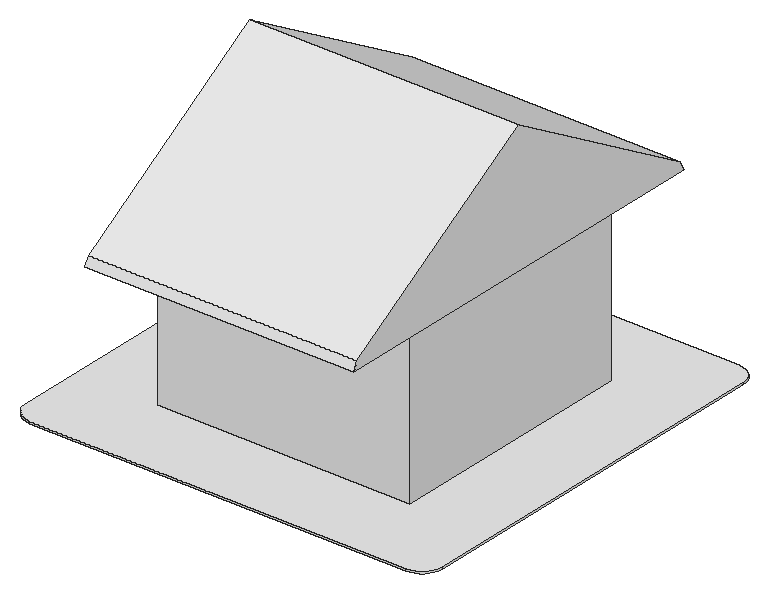
Revit family "Mechanical_Menzies-Metal_Built-Up-Roof-Vent-TPO", category Mechanical Equipment, host Face, Revit 2018
Family settings
  Host = Face
  Round Connector Dimension = Use Diameter
  Part Type = Normal
  OmniClass Number = 23.70.50.21.24.11
  OmniClass Title = Roof Waste Water Drains
  Cut with Voids When Loaded = No
  Shared = No
  Room Calculation Point = No
Parameters (values of type "12 x 12")
  Width = 12"
  Weight = 8.60 lbf
  Waste Connection = no
  Vent Connection = no
  URL = "https://www.menzies-metal.com/tpo-products/bur-vent-tpo/"
  Product data url = "https://www.bimobject.com/menzies-metal/product/built-up-roof-vent-tpo"
  Product Material = Metal - Menzies Metal Products - Aluminium TPO Coated
  Product Guid = "2799f1e7-5a87-41a4-ae29-f83a5cfc54c4"
  Model = "600-2105TPO"
  Manufacturer = "Menzies Metal Products"  # constant formula
  HW Connection = no
  Edition number = 1
  Drain Flow = 0 GPM
  Description = "Built Up Roof Vent TPO"  # constant formula
  Depth = 12"
  Default Elevation = 48"
  CW Connection = no
  Assembly Code = "D2040200"
Types (5): name | Width | Weight | Waste Connection | Vent Connection | Model | HW Connection | Depth | CW Connection
  5 x 14 | 14" | 4.40 lbf | yes | yes | "600-2110TPO" | yes | 5" | yes
  12 x 12 | 12" | 8.60 lbf | no | no | "600-2105TPO" | no | 12" | no
  6 x 6 | 6" | 3.60 lbf | no | no | "600-2103TPO" | no | 6" | no
  8 x 8 | 8" | 4.35 lbf | yes | yes | "600-2100TPO" | yes | 8" | yes
  5 x 24 | 24" | 7.75 lbf | no | no | "600-2120TPO" | no | 5" | no
Reference planes (in)
  plane 1 "Center (Front/Back)": y = 0
  plane 2: z = 0
  plane 3 "Center (Left/Right)": x = 0
  plane 4: z = 0.05867
  plane 5: y = 6
  plane 6: y = -6
  plane 7: x = -6
  plane 8: x = 6
  plane 9: z = 0.09
  plane 10: z = 8.09
  plane 11: y = 9.8
  plane 12: y = -9.8
  plane 13: z = 14
  plane 14: x = 6.5
  plane 15: x = -6.5
  plane 16: x = -6.42
  plane 17: x = 6.42
  plane 18: z = 7.69
  plane 19: y = 10
  plane 20: y = -10
Forms (in)
  Extrusion 1, solid, material "Metal - Menzies Metal Products - Aluminium TPO Coated" <- "Product Material", detail levels medium+fine
    sketch origin (0, 0, 0) x (1, 0, 0) y (0, 1, 0)
      loop
        line (-6, 6) -> (-6, -6) -> (6, -6) -> (6, 6) -> (-6, 6)
      loop
        line (-6.11579, 6.09) -> (-6.11579, -6.09) -> (6.09, -6.09) -> (6.09, 6.09) -> (-6.11579, 6.09)
    from 0 to 8.09
  Extrusion 2, solid, material "Metal - Menzies Metal Products - Aluminium TPO Coated" <- "Product Material", detail levels medium+fine
    sketch origin (0, 0, 0) x (1, 0, 0) y (0, 1, 0)
      loop
        line (-6.11579, 6.09) -> (-6.11579, -6.09) -> (6.09, -6.09) -> (6.09, 6.09) -> (-6.11579, 6.09)
      loop
        line (9.09, 10.09) -> (-9.09, 10.09)
        arc (-9.09, 10.09) -> (-9.79711, 9.79711) -> (-10.09, 9.09) r 1
        line (-10.09, 9.09) -> (-10.09, -9.09)
        arc (-10.09, -9.09) -> (-9.79711, -9.79711) -> (-9.09, -10.09) r 1
        line (-9.09, -10.09) -> (9.09, -10.09)
        arc (9.09, -10.09) -> (9.79711, -9.79711) -> (10.09, -9.09) r 1
        line (10.09, -9.09) -> (10.09, 9.09)
        arc (10.09, 9.09) -> (9.79711, 9.79711) -> (9.09, 10.09) r 1
    from 0 to 0.09
  Extrusion 3, solid, material "Metal - Menzies Metal Products - Aluminium TPO Coated" <- "Product Material", detail levels medium+fine
    sketch origin (0, 0, 0) x (0, 1, 0) y (0, 0, 1)
      loop
        line (9.8, 8.09) -> (0, 14) -> (-9.8, 8.09) -> (-10, 7.69) -> (10, 7.69) -> (9.8, 8.09)
    from -6.5 to 6.5
  Extrusion 4, void
    sketch origin (0, 0, 0) x (0, 1, 0) y (0, 0, 1)
      loop
        line (9.90894, 7.69) -> (9.75352, 8.01293) -> (0, 13.8949) -> (-9.75221, 8.01372) -> (-9.90731, 7.69) -> (9.90894, 7.69)
    from -6.42 to 6.42
  Extrusion 5, solid, material "Metal - Menzies Metal Products - Aluminium TPO Coated" <- "Product Material", detail levels medium+fine
    sketch origin (0, 0, 0) x (0, 1, 0) y (0, 0, 1)
      loop
        line (6.09, 8.09) -> (-6.09, 8.09) -> (-6.09, 8) -> (6.09, 8) -> (6.09, 8.09)
    from 6 to 6.42
  Extrusion 6, solid, material "Metal - Menzies Metal Products - Aluminium TPO Coated" <- "Product Material", detail levels medium+fine
    sketch origin (0, 0, 0) x (0, 1, 0) y (0, 0, 1)
      loop
        line (6.09, 8.09) -> (-6.09, 8.09) -> (-6.09, 8) -> (6.09, 8) -> (6.09, 8.09)
    from -6 to -6.42
  Extrusion 7, solid, material "Metal - Menzies Metal Products - Aluminium TPO Coated" <- "Product Material", detail levels coarse
    sketch origin (0, 0, 0) x (1, 0, 0) y (0, 1, 0)
      loop
        line (-10.09, 10.09) -> (-10.09, -10.09) -> (10.09, -10.09) -> (10.09, 10.09) -> (-10.09, 10.09)
    from 0 to 0.09
  Extrusion 8, solid, material "Metal - Menzies Metal Products - Aluminium TPO Coated" <- "Product Material", detail levels coarse
    sketch origin (0, 0, 0) x (1, 0, 0) y (0, 1, 0)
      loop
        line (-6.42, 6.09) -> (-6.42, -6.09) -> (6.42, -6.09) -> (6.42, 6.09) -> (-6.42, 6.09)
    from 0.09 to 8.09
  Extrusion 9, solid, material "Metal - Menzies Metal Products - Aluminium TPO Coated" <- "Product Material", detail levels coarse
    sketch origin (0, 0, 0) x (0, 1, 0) y (0, 0, 1)
      loop
        line (-10, 7.69) -> (10, 7.69) -> (10, 7.96939) -> (0, 14) -> (-10, 7.96939) -> (-10, 7.69)
    from -6.5 to 6.5
Cuts and joins
  joined: Extrusion 1, Extrusion 2, Extrusion 5, Extrusion 6
  Extrusion 4 cuts Extrusion 3
Lines and regions (in)
  Masking region 1, detail levels coarse
    outline origin (0, 0, 0) x (1, 0, 0) y (0, 1, 0)
      loop
        line (-10.09, 10.09) -> (-10.09, -10.09) -> (10.09, -10.09) -> (10.09, 10.09) -> (-10.09, 10.09)
  Masking region 2, detail levels medium+fine
    outline origin (0, 0, 0) x (1, 0, 0) y (0, 1, 0)
      loop
        line (9.09, 10.09) -> (-9.09, 10.09)
        arc (-9.09, 10.09) -> (-9.79711, 9.79711) -> (-10.09, 9.09) r 1
        line (-10.09, 9.09) -> (-10.09, -9.09)
        arc (-10.09, -9.09) -> (-9.79711, -9.79711) -> (-9.09, -10.09) r 1
        line (-9.09, -10.09) -> (9.09, -10.09)
        arc (9.09, -10.09) -> (9.79711, -9.79711) -> (10.09, -9.09) r 1
        line (10.09, -9.09) -> (10.09, 9.09)
        arc (10.09, 9.09) -> (9.79711, 9.79711) -> (9.09, 10.09) r 1
  symbolic lines
    curve 1: line (-6.5, 10, 0) -> (-6.5, -10, 0)
    curve 2: line (6.5, 10, 0) -> (-6.5, 10, 0)
    curve 3: line (6.5, -10, 0) -> (6.5, 10, 0)
    curve 4: line (-6.5, -10, 0) -> (6.5, -10, 0)
    curve 5: line (-6.5, 0, 0) -> (6.5, 0, 0)
Dimensions and locks (in)
  locked: plane 4 to plane 2 at 0.05867
  equal spacing: plane 7, plane 3 "Center (Left/Right)", plane 8
  equal spacing: plane 5, plane 1 "Center (Front/Back)", plane 6
  Extrusion 2 sketch curve to Extrusion 1 = 3.97421"
  Extrusion 1 to Extrusion 2 sketch curve = 4"
  equal spacing: Extrusion 2 sketch curve, plane 1 "Center (Front/Back)", Extrusion 2 sketch curve
  equal spacing: Extrusion 2 sketch curve, plane 3 "Center (Left/Right)", Extrusion 2 sketch curve
  Extrusion 2 sketch curve to Extrusion 1 = 4"  (x2)
  plane 10 to level = 8.09"
  "Width": plane 7 to plane 8
  "Depth": plane 5 to plane 6
  equal spacing: plane 11, plane 1 "Center (Front/Back)", plane 12
  plane 11 to plane 5 = 3.8"
  plane 6 to plane 12 = 3.8"
  plane 8 to plane 14 = 0.5"
  plane 15 to plane 7 = 0.5"
  plane 15 to plane 16 = 0.08"
  plane 17 to plane 14 = 0.08"
  plane 10 to plane 18 = 0.4"
  plane 19 to plane 5 = 4"
  plane 6 to plane 20 = 4"
  locked: cut or joined group of Extrusion 3, Extrusion 4 to plane 10 at 0.4
  cut or joined group of Extrusion 1, Extrusion 2, Extrusion 5, Extrusion 6 to Extrusion 5 = 0.09"
  cut or joined group of Extrusion 1, Extrusion 2, Extrusion 5, Extrusion 6 to Extrusion 6 = 0.09"
  equal spacing: Extrusion 9 sketch curve, plane 1 "Center (Front/Back)", Extrusion 9 sketch curve
  angle Extrusion 4 sketch curve to plane 1 "Center (Front/Back)" = 25.70°
  angle plane 1 "Center (Front/Back)" to Extrusion 4 sketch curve = 25.60°
  aligned and locked: plane 2 to host face
  aligned and locked: level to host face
  aligned and locked: Extrusion 1 sketch curve to plane 5
  aligned and locked: Extrusion 1 sketch curve to plane 7
  aligned and locked: Extrusion 1 sketch curve to plane 6
  aligned and locked: Extrusion 1 sketch curve to plane 8
  aligned and locked: Extrusion 1 to level
  aligned and locked: Extrusion 2 sketch curve to Extrusion 1  (x4)
  aligned and locked: plane 9 to Extrusion 2
  aligned and locked: plane 10 to cut or joined group of Extrusion 1, Extrusion 2, Extrusion 5, Extrusion 6
  aligned and locked: plane 13 to Extrusion 3 sketch curve
  aligned and locked: plane 15 to Extrusion 3
  aligned and locked: plane 14 to Extrusion 3
  aligned and locked: Extrusion 4 to plane 17
  aligned and locked: plane 16 to Extrusion 4
  aligned and locked: cut or joined group of Extrusion 3, Extrusion 4 to Extrusion 4 sketch curve
  aligned and locked: Extrusion 5 sketch curve to cut or joined group of Extrusion 1, Extrusion 2, Extrusion 5, Extrusion 6  (x2)
  aligned and locked: cut or joined group of Extrusion 1, Extrusion 2, Extrusion 5, Extrusion 6 to Extrusion 5 sketch curve
  aligned and locked: plane 8 to Extrusion 5
  aligned and locked: Extrusion 5 to plane 17
  aligned and locked: cut or joined group of Extrusion 1, Extrusion 2, Extrusion 5, Extrusion 6 to Extrusion 6 sketch curve
  aligned and locked: Extrusion 6 sketch curve to cut or joined group of Extrusion 1, Extrusion 2, Extrusion 5, Extrusion 6
  aligned and locked: Extrusion 6 sketch curve to plane 10
  aligned and locked: plane 16 to Extrusion 6
  aligned and locked: plane 7 to Extrusion 6
  aligned and locked: Extrusion 7 sketch curve to cut or joined group of Extrusion 1, Extrusion 2, Extrusion 5, Extrusion 6  (x4)
  aligned and locked: plane 9 to Extrusion 7
  aligned and locked: Extrusion 8 sketch curve to cut or joined group of Extrusion 1, Extrusion 2, Extrusion 5, Extrusion 6  (x4)
  aligned and locked: Extrusion 8 to plane 9
  aligned and locked: Extrusion 8 to cut or joined group of Extrusion 1, Extrusion 2, Extrusion 5, Extrusion 6
  aligned and locked: cut or joined group of Extrusion 3, Extrusion 4 to Extrusion 9 sketch curve
  aligned and locked: Extrusion 9 sketch curve to cut or joined group of Extrusion 3, Extrusion 4  (x3)
  aligned and locked: plane 15 to Extrusion 9
  aligned and locked: plane 14 to Extrusion 9
  aligned and locked: Masking region 1 sketch curve to Extrusion 7  (x4)
  aligned and locked: curve 1 to Extrusion 9
  aligned and locked: curve 2 to Extrusion 9
  aligned and locked: curve 3 to Extrusion 9
  aligned and locked: curve 4 to Extrusion 9
  aligned and locked: curve 5 to Extrusion 9
  aligned and locked: Extrusion 9 to curve 5  (x2)
  aligned and locked: Masking region 2 sketch curve to cut or joined group of Extrusion 1, Extrusion 2, Extrusion 5, Extrusion 6  (x4)
Automatic sketch dimensions
  host sketch curve to host sketch curve = 94.66418"
  host sketch curve to host sketch curve = 96"
  Extrusion 1 sketch curve to plane 7 = 0.11579"
  Extrusion 1 sketch curve to plane 8 = 0.09"
  plane 6 to Extrusion 1 sketch curve = 0.09"
  plane 5 to Extrusion 1 sketch curve = 0.09"
  Extrusion 2 sketch curve to Extrusion 2 sketch curve = 1"  (x4)
  Extrusion 3 sketch curve to plane 18 = 0"
  Extrusion 3 sketch curve to plane 20 = 0"
  Extrusion 3 sketch curve to plane 10 = 0"  (x2)
  Extrusion 3 sketch curve to plane 12 = 0"
  Extrusion 3 sketch curve to plane 1 "Center (Front/Back)" = 0"
  Extrusion 3 sketch curve to plane 11 = 0"
  Extrusion 3 sketch curve to plane 19 = 0"
  Extrusion 5 sketch curve to Extrusion 5 sketch curve = 0.09"
  Extrusion 6 sketch curve to Extrusion 6 sketch curve = 0.09"
  plane 5 to Extrusion 4 sketch curve = 3.75352"
  plane 6 to Extrusion 4 sketch curve = 3.75221"
  Extrusion 4 sketch curve to plane 1 "Center (Front/Back)" = 0"
  plane 10 to Extrusion 4 sketch curve = 5.8049"
  Extrusion 4 sketch curve to plane 10 = 0.07707"
  Extrusion 4 sketch curve to plane 10 = 0.07628"
Connectors (in)
  hvac at (0, 0, 0), driven by "Width", driven by "Depth"
    settings: on cut or joined group of Extrusion 1, Extrusion 2, Extrusion 5, Extrusion 6, index 1, duct flow 0 CFM, flow factor 0, pres drop 0.00 in-wg, loss coef 0, conn angle 0.00°, conn width 12", conn height 12", conn diameter 24", duct sys type 1, conn prof type 1, flow config 0, flow direction 0, loss method 0, conn ref index -1, conn util no, is conn primary yes, conn desc ""
